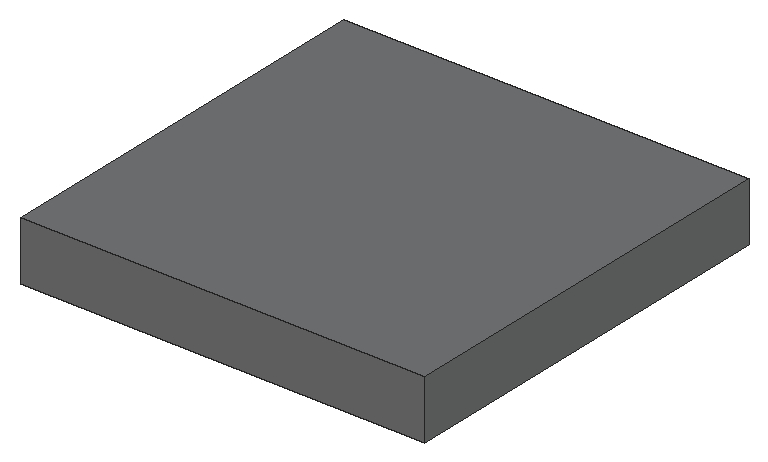
Revit family "Gira_0284005", category Electrical Fixtures, host Face, Revit 2017
Family settings
  Host = Face
  Maintain Annotation Orientation = No
  Round Connector Dimension = Use Diameter
  Part Type = Normal
  Cut with Voids When Loaded = No
  Shared = No
  Room Calculation Point = No
Parameters (values of type "Abd. BSF UAE/IAE + Netzwerk System 55 Schwarz m")
  Zusammenstellung = "Zentralplatte"
  Werkstoffgüte = "sonstige"
  Werkstoff = "Kunststoff"
  Verwendung = "UAE/IAE"
  URL = "http://katalog.gira.de/de_DE/datenblatt.html?artikelnr=0284005"
  Transparent = "No"
  Tragring = "No"
  Region = "DE"
  Oberfläche = "sonstige"
  Name = "Abd. BSF UAE/IAE + Netzwerk System 55 Schwarz m"
  Montageart = "unter Putz"
  Mit Zugentlastung = "No"
  Mit Staubschutz = "No"
  Mit Klappdeckel = "No"
  Mit Aufdruck = "No"
  Manufacturer URL = "https://www.gira.de/"
  Lüsterklemme = "No"
  Keynote = "Sys55_Abdeckung_Schalten und Tasten"
  HeinzeBIM = "https://bimportal.heinze.de/bim/abd-bsf-uae-iae-netzwerk-system-55-schwarz-m/eb07bac9ecc2c452061f76ae07cd33a8ecc267a6"
  Halogenfrei = "Yes"
  HAN = "0284005"
  Geeignet für Schutzart (IP) = "IP20"
  GTIN = "4010337036555"
  Farbe = "schwarz"
  Default Elevation = 1219.2 mm
  Data sheet (1) = "https://katalog.gira.de/de_DE/download.html?artikelnr=0284005"
  Category = "Einsatz/Abdeckung für Kommunikationstechnik"
  Beschriftungsfeld = "mit Beschriftungsfeld"
  Befestigungsart = "Befestigung mit Schraube"
  Available = "Yes"
  Ausführung der Oberfläche = "nicht zutreffend"
  Anthrazit [instance] = Anthrazit
Reference planes
  plane 1 "Center (Front/Back)": y = 0
  plane 2: z = 0
  plane 3 "Center (Left/Right)": x = 0
Forms (mm)
  Extrusion 1, solid, material "Anthrazit" <- "Anthrazit", detail levels fine
    sketch origin (0, 0, 0) x (1, 0, 0) y (0, 1, 0)
      loop
        line (-27.5, 27.5) -> (-27.5, -27.5) -> (27.5, -27.5) -> (27.5, 27.5) -> (-27.5, 27.5)
    from 0 to 8
  Extrusion 2, void
    sketch origin (0, 0, 0) x (1, 0, 0) y (0, 1, 0)
      loop
        line (26, 26) -> (-26, 26) -> (-26, -26) -> (26, -26) -> (26, 26)
    from 0 to 6
  Extrusion 3, solid, material "Anthrazit" <- "Anthrazit", detail levels medium
    sketch origin (0, 0, 0) x (1, 0, 0) y (0, 1, 0)
      loop
        line (-27.5, 27.5) -> (-27.5, -27.5) -> (27.5, -27.5) -> (27.5, 27.5) -> (-27.5, 27.5)
    from 0 to 8
  Extrusion 4, solid, material "Anthrazit" <- "Anthrazit", detail levels medium
    sketch origin (0, 0, 0) x (1, 0, 0) y (0, 1, 0)
      loop
        line (11, -17.5) -> (11, 17.5) -> (-11, 17.5) -> (-11, -17.5) -> (11, -17.5)
    from -6 to 6
  Extrusion 5, solid, material "Anthrazit" <- "Anthrazit", detail levels fine
    sketch origin (0, 0, 0) x (1, 0, 0) y (0, 1, 0)
      loop
        line (11, 17.5) -> (-11, 17.5) -> (-11, 16.5) -> (11, 16.5) -> (11, 17.5)
      loop
        line (-11, -16.5) -> (-11, -17.5) -> (11, -17.5) -> (11, -16.5) -> (-11, -16.5)
    from -4 to 6
  Extrusion 6, solid, material "Anthrazit" <- "Anthrazit", detail levels fine
    sketch origin (0, 0, 0) x (1, 0, 0) y (0, 1, 0)
      loop
        arc (5, 9.347) -> (0, 10.6) -> (-5, 9.347) r 10.6
        line (-5, 9.347) -> (-5, -9.347)
        arc (-5, -9.347) -> (0, -10.6) -> (5, -9.347) r 10.6
        line (5, -9.347) -> (5, 9.347)
    from -6 to 6
  Extrusion 7, solid, material "Anthrazit" <- "Anthrazit", detail levels coarse
    sketch origin (0, 0, 0) x (1, 0, 0) y (0, 1, 0)
      loop
        line (-27.5, 27.5) -> (-27.5, -27.5) -> (27.5, -27.5) -> (27.5, 27.5) -> (-27.5, 27.5)
    from -6 to 8
Cuts and joins
  Extrusion 2 cuts Extrusion 1
Dimensions and locks
  aligned and locked: plane 2 to host face
  aligned and locked: level to host face
